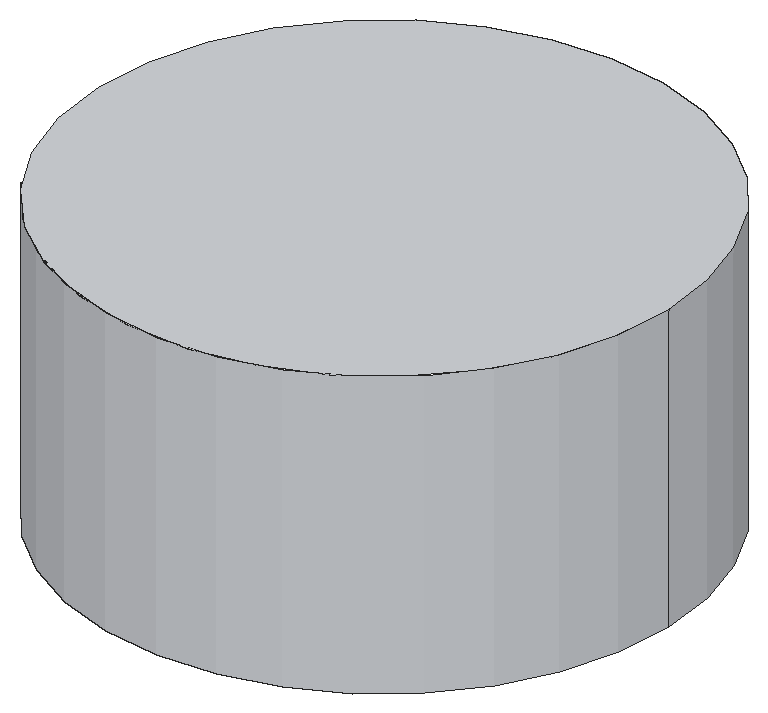
Revit family "ASF-8-C2", category Mechanical Equipment, Revit 2023
Family settings
  Round Connector Dimension = Use Diameter
  Classification = None
  Part Type = Normal
  OmniClass Number = 23.75.00.00
  OmniClass Title = Climate Control (HVAC)
  Work Plane-Based = No
  Always vertical = Yes
  Cut with Voids When Loaded = No
  Maintain Annotation Orientation = No
  Shared = No
  Room Calculation Point = No
Parameters (values of type "Standard")
  Volume = 0.0370749 CF
  Title = "Aura Solar Attic Fan - 8\" Diameter, 2\" Tall Collar"
  Subject = "ASF-8-C2"
  Requested Accuracy = "Low"
  Part Number = "ASF-8-C2"
  Mass = 6.03564 lbm
  Designer = "CAD Machine"
  Design State = 1
  Density = 162.796 lb/ft³
  Default Elevation = 0' - 0"
  Creation Date = "11/14/2022"
  Connector_1_Diameter = 0' - 7 3/4"
  Center of Gravity = "X: 0.013 in Y: 4.754 in Z: -0.023 in"
  Author = "CAD Machine"
  Area = 16.5964 SF
Reference planes (in)
  plane 1 "Center (Front/Back)": y = 0
  plane 2: z = 0
  plane 3 "Center (Left/Right)": x = 0
Forms (in)
  Extrusion 1, solid
    sketch origin (0, 0, -2.6029) x (1, 0, 0) y (0, 1, 0)
      loop
        circle (0, 0) r 0.12
    from 0 to -0.12
Dimensions and locks (in)
  aligned and locked: plane 2 to level
Connectors (in)
  hvac at (0, 0, -2.6029), driven by "Connector_1_Diameter"
    settings: on Extrusion 1, index 1, duct flow 0 CFM, flow factor 0, pres drop 0.00 in-wg, loss coef 0, conn angle 0.00°, conn width 12", conn height 12", conn diameter 7 3/4", duct sys type 3, conn prof type 0, flow config 1, flow direction 1, loss method 0, conn ref index -1, conn util no, is conn primary yes, conn desc ""
